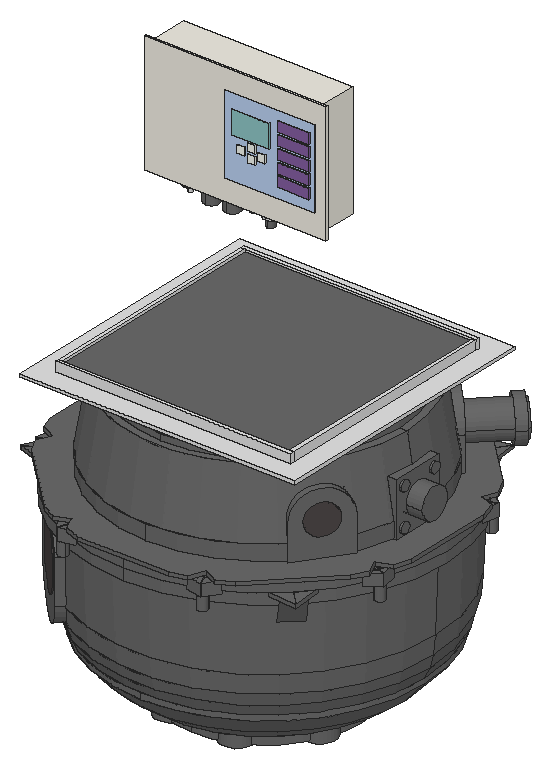
Revit family "281230s (200)", category Generic Models, Revit 2021 (continued)
Definition of nested family "281230s (200)_part2_X0Y0"
  Definition of nested family "281230s (200)_part2_content"
    Forms (mm)
      Extrusion 15, solid, detail levels medium+fine
        sketch origin (0, 0, 451) x (0, 1, 0) y (-1, 0, 0)
          loop
            circle (0, 0) r 214.5
        from 0 to 10
      Extrusion 16, solid, detail levels medium+fine
        sketch origin (-190, -190, 461) x (0, 1, 0) y (0, 0, 1)
          loop
            line (0, 7.5) -> (0, 0) -> (380, 0) -> (380, 7.5) -> (0, 7.5)
        from 0 to 380
      Extrusion 17, solid, detail levels medium+fine
        sketch origin (0, 0, 461) x (0, 1, 0) y (-1, 0, 0)
          loop
            circle (0, 0) r 208.5
        from 0 to 7.5
      Extrusion 18, solid, detail levels medium+fine
        sketch origin (-222, -222, 468.5) x (0, 1, 0) y (0, 0, 1)
          loop
            line (0, 5) -> (0, 0) -> (444, 0) -> (444, 5) -> (0, 5)
        from 0 to 444
      Extrusion 19, solid, detail levels medium+fine
        sketch origin (-184, -184, 473.5) x (0, 1, 0) y (0, 0, 1)
          loop
            line (0, 12) -> (0, 0) -> (368, 0) -> (368, 12) -> (0, 12)
        from 0 to 368
      Extrusion 20, solid, detail levels medium+fine
        sketch origin (0, 60, 320) x (0, -1, 0) y (0, 0, 1)
          loop
            line (0, 50) -> (0, 0) -> (120, 0) -> (120, 50) -> (0, 50)
        from 0 to 245.5
      Extrusion 21, solid, detail levels medium+fine
        sketch origin (0, 0, 370) x (0, -1, 0) y (0, 0, 1)
          loop
            circle (0, 0) r 60
        from 0 to 245.5
      Extrusion 22, solid, detail levels medium+fine
        sketch origin (-244, 0, 370) x (0, -1, 0) y (0, 0, 1)
          loop
            circle (0, 0) r 35.1
        from 0 to 1.75
      Extrusion 23, solid, detail levels medium+fine
        sketch origin (31.82, -31.82, 320) x (-0.707107, 0.707107, 0) y (0, 0, 1)
          loop
            line (0, 55.25) -> (0, 0) -> (90, 0) -> (90, 55.25) -> (0, 55.25)
        from 0 to 245.5
      Extrusion 24, solid, detail levels medium+fine
        sketch origin (0, 0, 375.25) x (-0.707107, 0.707107, 0) y (0, 0, 1)
          loop
            circle (0, 0) r 45
        from 0 to 245.5
      Extrusion 25, solid, detail levels medium+fine
        sketch origin (0, 0, 370) x (-0.707107, 0.707107, 0) y (0, 0, 1)
          loop
            circle (0, 0) r 27.7
        from 0 to 311.36
      Extrusion 26, solid, detail levels medium+fine
        sketch origin (0, 27.5, 332.75) x (0, 1, 0) y (0, 0, 1)
          loop
            circle (0, 0) r 8
        from 0 to 250
      Extrusion 27, solid, detail levels medium+fine
        sketch origin (0, -46.25, 320) x (0, 1, 0) y (0, 0, 1)
          loop
            line (0, 86.5) -> (0, 0) -> (86.5, 0) -> (86.5, 86.5) -> (0, 86.5)
        from 0 to 245.5
      Extrusion 28, solid, detail levels medium+fine
        sketch origin (0, -3, 363.25) x (0, 1, 0) y (0, 0, 1)
          loop
            circle (0, 0) r 24.75
        from 0 to 272.5
      Extrusion 29, solid, detail levels medium+fine
        sketch origin (0, 27.5, 393.75) x (0, 1, 0) y (0, 0, 1)
          loop
            circle (0, 0) r 8
        from 0 to 250
      Extrusion 30, solid, detail levels medium+fine
        sketch origin (0, -33.5, 332.75) x (0, 1, 0) y (0, 0, 1)
          loop
            circle (0, 0) r 8
        from 0 to 250
      Extrusion 31, solid, detail levels medium+fine
        sketch origin (0, -33.5, 393.75) x (0, 1, 0) y (0, 0, 1)
          loop
            circle (0, 0) r 8
        from 0 to 250
      Extrusion 32, solid, detail levels medium+fine
        sketch origin (-25.811, -36.862, 320) x (0.573577, 0.819152, 0) y (0, 0, 1)
          loop
            line (0, 55.25) -> (0, 0) -> (90, 0) -> (90, 55.25)
            arc (90, 55.25) -> (45, 100.25) -> (0, 55.25) r 45
        from 0 to 245.5
      Extrusion 33, solid, detail levels medium+fine
        sketch origin (199.873, -139.953, 375.25) x (0.573577, 0.819152, 0) y (0, 0, 1)
          loop
            circle (0, 0) r 25
        from 0 to 1.75
      Extrusion 34, solid, detail levels medium+fine
        sketch origin (-53.002, 127.957, 0) x (-0.92388, -0.382683, 0) y (0.382683, -0.92388, 0)
          loop
            circle (0, 0) r 25
        from 0 to 28.5
      Extrusion 35, solid, detail levels medium+fine
        sketch origin (-127.957, -53.002, 0) x (0.382683, -0.92388, 0) y (0.92388, 0.382683, 0)
          loop
            circle (0, 0) r 25
        from 0 to 28.5
      Extrusion 36, solid, detail levels medium+fine
        sketch origin (53.002, -127.957, 0) x (0.92388, 0.382683, 0) y (-0.382683, 0.92388, 0)
          loop
            circle (0, 0) r 25
        from 0 to 28.5
      Extrusion 37, solid, detail levels medium+fine
        sketch origin (53.002, 127.957, 0) x (-0.923879, 0.382684, 0) y (-0.382684, -0.923879, 0)
          loop
            circle (0, 0) r 25
        from 0 to 28.5
      Extrusion 38, solid, detail levels medium+fine
        sketch origin (-127.957, 53.002, 0) x (-0.382684, -0.923879, 0) y (0.923879, -0.382684, 0)
          loop
            circle (0, 0) r 25
        from 0 to 28.5
      Extrusion 39, solid, detail levels medium+fine
        sketch origin (-53.002, -127.957, 0) x (0.923879, -0.382684, 0) y (0.382684, 0.923879, 0)
          loop
            circle (0, 0) r 25
        from 0 to 28.5
      Extrusion 40, solid, detail levels medium+fine
        sketch origin (127.957, -53.002, 0) x (0.382684, 0.923879, 0) y (-0.923879, 0.382684, 0)
          loop
            circle (0, 0) r 25
        from 0 to 28.5
      Extrusion 41, solid, detail levels medium+fine
        sketch origin (127.957, 53.002, 0) x (-0.382683, 0.92388, 0) y (-0.92388, -0.382683, 0)
          loop
            circle (0, 0) r 25
        from 0 to 28.5
      Extrusion 42, solid, detail levels medium+fine
        sketch origin (0, 0, 209) x (0, -1, 0) y (0, 0, 1)
          loop
            line (-72.693, 35.337) -> (-68.918, -37.767)
            arc (-68.918, -37.767) -> (-63.198, -56.139) -> (-50.593, -70.678) r 46.983
            line (-50.593, -70.678) -> (-49.193, -71.697)
            arc (-49.193, -71.697) -> (-25.794, -83.147) -> (0, -86.788) r 83.079
            arc (0, -86.788) -> (25.794, -83.147) -> (49.193, -71.697) r 83.079
            line (49.193, -71.697) -> (50.593, -70.678)
            arc (50.593, -70.678) -> (63.198, -56.139) -> (68.918, -37.767) r 46.983
            line (68.918, -37.767) -> (72.693, 35.337)
            arc (72.693, 35.337) -> (71.616, 38.805) -> (69.783, 41.939) r 15.989
            arc (69.783, 41.939) -> (60.032, 51.336) -> (48.652, 58.679) r 69.984
            line (48.652, 58.679) -> (47.252, 59.417)
            arc (47.252, 59.417) -> (24.369, 68.322) -> (0, 71.344) r 99.373
            arc (0, 71.344) -> (-24.369, 68.322) -> (-47.252, 59.417) r 99.373
            line (-47.252, 59.417) -> (-48.652, 58.679)
            arc (-48.652, 58.679) -> (-60.032, 51.336) -> (-69.783, 41.939) r 69.984
            arc (-69.783, 41.939) -> (-71.616, 38.805) -> (-72.693, 35.337) r 15.989
        from 0 to 277.5
      Extrusion 43, solid, detail levels medium+fine
        sketch origin (0, 0, 209) x (0, -1, 0) y (0, 0, 1)
          loop
            circle (0, 0) r 55
        from 0 to 326
      Extrusion 44, solid, detail levels medium+fine
        sketch origin (0, 0, 209) x (0.707107, -0.707107, 0) y (0, 0, 1)
          loop
            line (-72.693, 35.337) -> (-68.918, -37.767)
            arc (-68.918, -37.767) -> (-63.198, -56.139) -> (-50.593, -70.678) r 46.983
            line (-50.593, -70.678) -> (-49.193, -71.697)
            arc (-49.193, -71.697) -> (-25.794, -83.147) -> (0, -86.788) r 83.079
            arc (0, -86.788) -> (25.794, -83.147) -> (49.193, -71.697) r 83.079
            line (49.193, -71.697) -> (50.593, -70.678)
            arc (50.593, -70.678) -> (63.198, -56.139) -> (68.918, -37.767) r 46.983
            line (68.918, -37.767) -> (72.693, 35.337)
            arc (72.693, 35.337) -> (71.616, 38.805) -> (69.783, 41.939) r 15.989
            arc (69.783, 41.939) -> (60.032, 51.336) -> (48.652, 58.679) r 69.984
            line (48.652, 58.679) -> (47.252, 59.417)
            arc (47.252, 59.417) -> (24.369, 68.322) -> (0, 71.344) r 99.373
            arc (0, 71.344) -> (-24.369, 68.322) -> (-47.252, 59.417) r 99.373
            line (-47.252, 59.417) -> (-48.652, 58.679)
            arc (-48.652, 58.679) -> (-60.032, 51.336) -> (-69.783, 41.939) r 69.984
            arc (-69.783, 41.939) -> (-71.616, 38.805) -> (-72.693, 35.337) r 15.989
        from 0 to 277.5
      Extrusion 45, solid, detail levels medium+fine
        sketch origin (0, 0, 209) x (-0.707107, -0.707107, 0) y (0, 0, 1)
          loop
            line (-72.693, 35.337) -> (-68.918, -37.767)
            arc (-68.918, -37.767) -> (-63.198, -56.139) -> (-50.593, -70.678) r 46.983
            line (-50.593, -70.678) -> (-49.193, -71.697)
            arc (-49.193, -71.697) -> (-25.794, -83.147) -> (0, -86.788) r 83.079
            arc (0, -86.788) -> (25.794, -83.147) -> (49.193, -71.697) r 83.079
            line (49.193, -71.697) -> (50.593, -70.678)
            arc (50.593, -70.678) -> (63.198, -56.139) -> (68.918, -37.767) r 46.983
            line (68.918, -37.767) -> (72.693, 35.337)
            arc (72.693, 35.337) -> (71.616, 38.805) -> (69.783, 41.939) r 15.989
            arc (69.783, 41.939) -> (60.032, 51.336) -> (48.652, 58.679) r 69.984
            line (48.652, 58.679) -> (47.252, 59.417)
            arc (47.252, 59.417) -> (24.369, 68.322) -> (0, 71.344) r 99.373
            arc (0, 71.344) -> (-24.369, 68.322) -> (-47.252, 59.417) r 99.373
            line (-47.252, 59.417) -> (-48.652, 58.679)
            arc (-48.652, 58.679) -> (-60.032, 51.336) -> (-69.783, 41.939) r 69.984
            arc (-69.783, 41.939) -> (-71.616, 38.805) -> (-72.693, 35.337) r 15.989
        from 0 to 277.5
      Extrusion 46, solid, detail levels medium+fine
        sketch origin (-195.161, -195.161, 209) x (0.707107, -0.707107, 0) y (0, 0, 1)
          loop
            circle (0, 0) r 50.1
        from 0 to 1.75
      Extrusion 47, solid, detail levels medium+fine
        sketch origin (-195.162, 195.162, 209) x (-0.707107, -0.707107, 0) y (0, 0, 1)
          loop
            circle (0, 0) r 50.1
        from 0 to 1.75
      Extrusion 48, solid, detail levels medium+fine
        sketch origin (220.165, 220.165, 370) x (-0.707107, 0.707107, 0) y (0, 0, 1)
          loop
            circle (0, 0) r 34.75
        from 0 to 15.7
      Extrusion 49, solid, detail levels medium+fine
        sketch origin (230.559, 230.559, 370) x (-0.707107, 0.707107, 0) y (0, 0, 1)
          loop
            circle (0, 0) r 27.7
        from 0 to 4.8
      Extrusion 50, solid, detail levels medium+fine
        sketch origin (232.893, 232.893, 370) x (-0.707107, 0.707107, 0) y (0, 0, 1)
          loop
            circle (0, 0) r 20
        from 0 to 1.7
      Extrusion 51, solid, detail levels medium+fine
        sketch origin (240.105, 225.963, 364) x (-0.707107, 0.707107, 0) y (0, 0, 1)
          loop
            circle (0, 0) r 4.2
        from 0 to 1.8
      Extrusion 52, solid, detail levels medium+fine
        sketch origin (240.105, 225.963, 376) x (-0.707107, 0.707107, 0) y (0, 0, 1)
          loop
            circle (0, 0) r 4.2
        from 0 to 1.8
      Extrusion 53, solid, detail levels medium+fine
        sketch origin (225.963, 240.105, 376) x (-0.707107, 0.707107, 0) y (0, 0, 1)
          loop
            circle (0, 0) r 4.2
        from 0 to 1.8
      Extrusion 54, solid, detail levels medium+fine
        sketch origin (225.963, 240.105, 364) x (-0.707107, 0.707107, 0) y (0, 0, 1)
          loop
            circle (0, 0) r 4.2
        from 0 to 1.8
      Extrusion 55, solid, detail levels medium+fine
        sketch origin (-259.107, -87.843, 294.5) x (-0.92388, -0.382683, 0) y (0, 0, -1)
          loop
            line (0, 48.5) -> (0, 0) -> (29.9, 0) -> (0, 48.5)
        from 0 to 36
      Extrusion 56, solid, detail levels medium+fine
        sketch origin (-272.082, -112.7, 273) x (0.382683, -0.92388, 0) y (0.92388, 0.382683, 0)
          loop
            circle (0, 0) r 7.75
        from 0 to 21.5
      Extrusion 57, solid, detail levels medium+fine
        sketch origin (-265.153, -109.83, 300) x (-0.92388, -0.382683, 0) y (-0.382683, 0.92388, 0)
          loop
            line (36.5, 0) -> (0, 0) -> (0, -32) -> (36.5, 0)
        from 0 to 5.5
      Extrusion 58, solid, detail levels medium+fine
        sketch origin (-265.153, -109.83, 314) x (-0.92388, -0.382683, 0) y (-0.382683, 0.92388, 0)
          loop
            line (17, 0) -> (0, 0) -> (0, -25) -> (17, 0)
        from 0 to 14
      Extrusion 59, solid, detail levels medium+fine
        sketch origin (-265.153, -109.83, 294.5) x (-0.382683, 0.92388, 0) y (-0.92388, -0.382683, 0)
          loop
            line (0, 36.5) -> (0, 0) -> (32, 0) -> (0, 36.5)
        from 0 to 5.5
      Extrusion 60, solid, detail levels medium+fine
        sketch origin (-265.153, -109.83, 300) x (-0.382683, 0.92388, 0) y (-0.92388, -0.382683, 0)
          loop
            line (0, 17) -> (0, 0) -> (25, 0) -> (0, 17)
        from 0 to 14
      Extrusion 61, solid, detail levels medium+fine
        sketch origin (-245.331, 121.102, 294.5) x (-0.923879, 0.382684, 0) y (0, 0, -1)
          loop
            line (0, 48.5) -> (0, 0) -> (29.9, 0) -> (0, 48.5)
        from 0 to 36
      Extrusion 62, solid, detail levels medium+fine
        sketch origin (-272.082, 112.7, 273) x (-0.382684, -0.923879, 0) y (0.923879, -0.382684, 0)
          loop
            circle (0, 0) r 7.75
        from 0 to 21.5
      Extrusion 63, solid, detail levels medium+fine
        sketch origin (-265.153, 109.83, 300) x (-0.923879, 0.382684, 0) y (0.382684, 0.923879, 0)
          loop
            line (36.5, 0) -> (0, 0) -> (0, -32) -> (36.5, 0)
        from 0 to 5.5
      Extrusion 64, solid, detail levels medium+fine
        sketch origin (-265.153, 109.83, 314) x (-0.923879, 0.382684, 0) y (0.382684, 0.923879, 0)
          loop
            line (17, 0) -> (0, 0) -> (0, -25) -> (17, 0)
        from 0 to 14
      Extrusion 65, solid, detail levels medium+fine
        sketch origin (-265.153, 109.83, 294.5) x (0.382684, 0.923879, 0) y (-0.923879, 0.382684, 0)
          loop
            line (0, 36.5) -> (0, 0) -> (32, 0) -> (0, 36.5)
        from 0 to 5.5
      Extrusion 66, solid, detail levels medium+fine
        sketch origin (-265.153, 109.83, 300) x (0.382684, 0.923879, 0) y (-0.923879, 0.382684, 0)
          loop
            line (0, 17) -> (0, 0) -> (25, 0) -> (0, 17)
        from 0 to 14
      Extrusion 67, solid, detail levels medium+fine
        sketch origin (-190, 184, 473.5) x (0, 1, 0) y (0, 0, 1)
          loop
            line (0, 15) -> (0, 0) -> (6, 0) -> (6, 15) -> (0, 15)
        from 0 to 380
      Extrusion 68, solid, detail levels medium+fine
        sketch origin (-190, -190, 473.5) x (0, 1, 0) y (0, 0, 1)
          loop
            line (0, 15) -> (0, 0) -> (6, 0) -> (6, 15) -> (0, 15)
        from 0 to 380
      Extrusion 69, solid, detail levels medium+fine
        sketch origin (-190, -184, 473.5) x (0, 1, 0) y (0, 0, 1)
          loop
            line (0, 15) -> (0, 0) -> (368, 0) -> (368, 15) -> (0, 15)
        from 0 to 6
      Extrusion 70, solid, detail levels medium+fine
        sketch origin (184, -184, 473.5) x (0, 1, 0) y (0, 0, 1)
          loop
            line (0, 15) -> (0, 0) -> (368, 0) -> (368, 15) -> (0, 15)
        from 0 to 6
      Extrusion 71, solid, detail levels medium+fine
        sketch origin (180.312, -205.768, 294.5) x (0.707106, -0.707107, 0) y (0, 0, -1)
          loop
            line (0, 48.5) -> (0, 0) -> (29.9, 0) -> (0, 48.5)
        from 0 to 36
      Extrusion 72, solid, detail levels medium+fine
        sketch origin (202.939, -202.939, 300) x (0.707106, -0.707107, 0) y (-0.707107, -0.707106, 0)
          loop
            line (36.5, 0) -> (0, 0) -> (0, -32) -> (36.5, 0)
        from 0 to 5.5
      Extrusion 73, solid, detail levels medium+fine
        sketch origin (202.939, -202.939, 294.5) x (-0.707107, -0.707106, 0) y (0.707106, -0.707107, 0)
          loop
            line (0, 36.5) -> (0, 0) -> (32, 0) -> (0, 36.5)
        from 0 to 5.5
      Extrusion 74, solid, detail levels medium+fine
        sketch origin (171.331, 213.304, 294.5) x (0.573577, 0.819151, 0) y (0, 0, -1)
          loop
            line (0, 48.5) -> (0, 0) -> (29.9, 0) -> (0, 48.5)
        from 0 to 36
      Extrusion 75, solid, detail levels medium+fine
        sketch origin (164.616, 235.097, 294.5) x (0.819151, -0.573577, 0) y (0.573577, 0.819151, 0)
          loop
            line (0, 36.5) -> (0, 0) -> (32, 0) -> (0, 36.5)
        from 0 to 5.5
      Extrusion 76, solid, detail levels medium+fine
        sketch origin (164.616, 235.097, 300) x (0.573577, 0.819151, 0) y (0.819151, -0.573577, 0)
          loop
            line (36.5, 0) -> (0, 0) -> (0, -32) -> (36.5, 0)
        from 0 to 5.5
      Extrusion 77, solid, detail levels medium+fine
        sketch origin (109.83, 265.153, 294.5) x (0.923879, -0.382684, 0) y (0.382684, 0.923879, 0)
          loop
            line (0, 17) -> (0, 0) -> (25, 0) -> (0, 17)
        from 0 to 19.5
      Extrusion 78, solid, detail levels medium+fine
        sketch origin (112.7, 272.082, 273) x (-0.923879, 0.382684, 0) y (-0.382684, -0.923879, 0)
          loop
            circle (0, 0) r 7.75
        from 0 to 21.5
      Extrusion 79, solid, detail levels medium+fine
        sketch origin (109.83, 265.153, 314) x (0.382684, 0.923879, 0) y (0.923879, -0.382684, 0)
          loop
            line (17, 0) -> (0, 0) -> (0, -25) -> (17, 0)
        from 0 to 19.5
      Extrusion 80, solid, detail levels medium+fine
        sketch origin (272.082, 112.7, 273) x (-0.382683, 0.92388, 0) y (-0.92388, -0.382683, 0)
          loop
            circle (0, 0) r 7.75
        from 0 to 21.5
      Extrusion 81, solid, detail levels medium+fine
        sketch origin (265.153, 109.83, 314) x (0.92388, 0.382683, 0) y (0.382683, -0.92388, 0)
          loop
            line (17, 0) -> (0, 0) -> (0, -25) -> (17, 0)
        from 0 to 19.5
      Extrusion 82, solid, detail levels medium+fine
        sketch origin (265.153, 109.83, 294.5) x (0.382683, -0.92388, 0) y (0.92388, 0.382683, 0)
          loop
            line (0, 17) -> (0, 0) -> (25, 0) -> (0, 17)
        from 0 to 19.5
      Extrusion 83, solid, detail levels medium+fine
        sketch origin (-112.7, 272.082, 273) x (-0.92388, -0.382683, 0) y (0.382683, -0.92388, 0)
          loop
            circle (0, 0) r 7.75
        from 0 to 21.5
      Extrusion 84, solid, detail levels medium+fine
        sketch origin (-109.83, 265.153, 314) x (-0.382683, 0.92388, 0) y (0.92388, 0.382683, 0)
          loop
            line (17, 0) -> (0, 0) -> (0, -25) -> (17, 0)
        from 0 to 19.5
      Extrusion 85, solid, detail levels medium+fine
        sketch origin (-109.83, 265.153, 294.5) x (0.92388, 0.382683, 0) y (-0.382683, 0.92388, 0)
          loop
            line (0, 17) -> (0, 0) -> (25, 0) -> (0, 17)
        from 0 to 19.5
      Extrusion 86, solid, detail levels medium+fine
        sketch origin (272.082, -112.7, 273) x (0.382684, 0.923879, 0) y (-0.923879, 0.382684, 0)
          loop
            circle (0, 0) r 7.75
        from 0 to 21.5
      Extrusion 87, solid, detail levels medium+fine
        sketch origin (265.153, -109.83, 294.5) x (-0.382684, -0.923879, 0) y (0.923879, -0.382684, 0)
          loop
            line (0, 17) -> (0, 0) -> (25, 0) -> (0, 17)
        from 0 to 19.5
      Extrusion 88, solid, detail levels medium+fine
        sketch origin (265.153, -109.83, 314) x (0.923879, -0.382684, 0) y (-0.382684, -0.923879, 0)
          loop
            line (17, 0) -> (0, 0) -> (0, -25) -> (17, 0)
        from 0 to 19.5
      Extrusion 89, solid, detail levels medium+fine
        sketch origin (112.7, -272.082, 273) x (0.92388, 0.382683, 0) y (-0.382683, 0.92388, 0)
          loop
            circle (0, 0) r 7.75
        from 0 to 21.5
      Extrusion 90, solid, detail levels medium+fine
        sketch origin (109.83, -265.153, 314) x (0.382683, -0.92388, 0) y (-0.92388, -0.382683, 0)
          loop
            line (17, 0) -> (0, 0) -> (0, -25) -> (17, 0)
        from 0 to 19.5
      Extrusion 91, solid, detail levels medium+fine
        sketch origin (109.83, -265.153, 294.5) x (-0.92388, -0.382683, 0) y (0.382683, -0.92388, 0)
          loop
            line (0, 17) -> (0, 0) -> (25, 0) -> (0, 17)
        from 0 to 19.5
      Extrusion 92, solid, detail levels medium+fine
        sketch origin (-112.7, -272.082, 273) x (0.923879, -0.382684, 0) y (0.382684, 0.923879, 0)
          loop
            circle (0, 0) r 7.75
        from 0 to 21.5
      Extrusion 93, solid, detail levels medium+fine
        sketch origin (-109.83, -265.153, 294.5) x (-0.923879, 0.382684, 0) y (-0.382684, -0.923879, 0)
          loop
            line (0, 17) -> (0, 0) -> (25, 0) -> (0, 17)
        from 0 to 19.5
      Extrusion 94, solid, detail levels medium+fine
        sketch origin (-109.83, -265.153, 314) x (-0.382684, -0.923879, 0) y (-0.923879, 0.382684, 0)
          loop
            line (17, 0) -> (0, 0) -> (0, -25) -> (17, 0)
        from 0 to 19.5
      Extrusion 95, solid, detail levels coarse
        sketch origin (-17.478, 0, 0) x (1, 0, 0) y (0, 1, 0)
          loop
            line (-308.522, -291.044) -> (308.522, -291.044) -> (308.522, 291.044) -> (-308.522, 291.044) -> (-308.522, -291.044)
        from 0 to 488.5
    Dimensions and locks
      aligned and locked: level to plane 2
